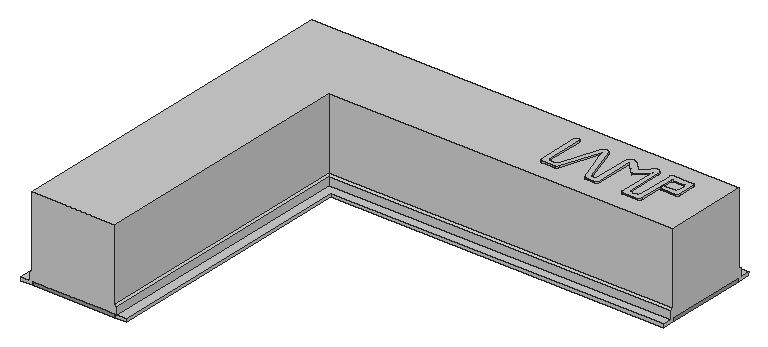
Revit family "LAMP_FIL 70 CORNER OPAL RECESSED", category Luminarias, Revit 2015
Parameters (values of type "1300LM 3000K GREY")
  Ángulo de inclinación = 90.00°
  Weight = 1.50 kg
  Wattage = 10.1 W
  UniClass 2.0 Descripción = ""
  UniClass 2.0 Code = Product code  # "F71HCRELOOP830NG"
  UniClass 1.4 Descripción = ""
  UniClass 1.4 Code = Product code  # "F71HCRELOOP830NG"
  Type = "MID POWER PHILIPS"
  Recessed dimensions = "(305 x 370) x 78 mm"
  built-in parameter 1150110 = 1 (stored number, unit not read)
  Protection rating = "IP42, IK06"
  Product datasheet = "https://www.lamp.es/product-files/TECH/F71HCRELOOP830NG-EN.pdf"
  Product code = "F71HCRELOOP830NG"
  Product URL = "https://www.lamp.es/en/family/fil-70_33399"
  Power Supply = "220-240V 50-60Hz"
  Power = 9 W
  Plum = 10.1 W
  Omniclass Descripción = ""
  OmniClass Code = ""
  Modelo = Product code  # "F71HCRELOOP830NG"
  Model explanation = "Availability of switching between accessories through visibility parameters when placed in a project."
  Material Difusor = LAMP_PC Difusor Opal Fil
  Material Perfil = LAMP_Aluminio Perfil Fil GR
  Manufacturer name = "LAMP"
  Manufacturer country = "Spain"
  Manufacturer URL = "http://www.lamp.es/en"
  MacAdam = "3"
  Lámpara = "LED MID-POWER"
  Luminaire type = "Indoor - Modular System"
  Last update = "12/08/2020"
  LED Lifetime = "50000 L80 B10"
  Insulation class = "I"
  Installation instructions = "https://www.lamp.es/product-files/INS/1004040-D-INSTR.%20FIL%2070%20CORNER.pdf"
  IFC Clasificación = "Light Fixture"
  IEE = "A++"
  Gear = "Electronic"
  Finish = "Gloss grey"
  built-in parameter 1114217 = 1 (stored number, unit not read)
  built-in parameter 1150109 = 1 (stored number, unit not read)
  Fabricante = Manufacturer name  # "LAMP"
  Efficacy = 98.6 lm/W
  Dimensions = "(303 x 368) x 89 x 70 mm"
  Descripción = "FIL 70 CORNER OPAL REC 1300 WW GR."
  Comentarios de tipo = Model explanation  # "Availability of switching between accessories through visibility parameters when placed in a project."
  built-in parameter 1150134 = (empty or 0)
  built-in parameter 1150113 = 1 (stored number, unit not read)
  Lumens = 995.86 lm
  built-in parameter 1150115 = 1 (stored number, unit not read)
  built-in parameter 1150105 = 366.45 (stored number, unit not read)
  built-in parameter 1150137 = (empty or 0)
  built-in parameter 1150139 = (empty or 0)
  built-in parameter 1150112 = 1 (stored number, unit not read)
  built-in parameter 1150114 = 1 (stored number, unit not read)
  built-in parameter 1150132 = 2
  built-in parameter 1150102 = (empty or 0)
  built-in parameter 1150138 = (empty or 0)
  built-in parameter 1150107 = 3000 (stored number, unit not read)
  built-in parameter 1150106 = 3.6645 (stored number, unit not read)
  Emit from Line Length = 300.00 mm
  built-in parameter 1150104 = 9.1602 (stored number, unit not read)
  Dimming Lamp Color Temperature Shift = (empty or 0)
  Color Filter = 16777215
  built-in parameter 1114218 = 1 (stored number, unit not read)
  CRI = "80"
  Archivo de red fotométrica = "14741103.IES"
  built-in parameter 1150133 = 10 (stored number, unit not read)
Types (9, lengths in mm): name | Wattage | UniClass 2.0 Code | UniClass 1.4 Code | Product datasheet | Product code | Power | Plum | Modelo | Material Perfil | Finish | Efficacy | Descripción | built-in parameter 1150134 | Lumens | built-in parameter 1150105 | built-in parameter 1150107 | built-in parameter 1150106 | built-in parameter 1150104 | Archivo de red fotométrica
  (no name) | 10.1 W | "F71HCRELOOP830NG" | "F71HCRELOOP830NG" | "https://www.lamp.es/product-files/TECH/F71HCRELOOP830NG-EN.pdf" | "F71HCRELOOP830NG" | 9 W | 10.1 W | "F71HCRELOOP830NG" | LAMP_Aluminio Perfil Fil GR | "Gloss grey" | 98.6 lm/W | "FIL 70 CORNER OPAL REC 1300 WW GR." | (empty or 0) | 995.86 lm | 366.45 (stored number, unit not read) | 3000 (stored number, unit not read) | 3.6645 (stored number, unit not read) | 9.1602 (stored number, unit not read) | "14741103.IES"
  1300LM 3000K GREY | 10.1 W | "F71HCRELOOP830NG" | "F71HCRELOOP830NG" | "https://www.lamp.es/product-files/TECH/F71HCRELOOP830NG-EN.pdf" | "F71HCRELOOP830NG" | 9 W | 10.1 W | "F71HCRELOOP830NG" | LAMP_Aluminio Perfil Fil GR | "Gloss grey" | 98.6 lm/W | "FIL 70 CORNER OPAL REC 1300 WW GR." | (empty or 0) | 995.86 lm | 366.45 (stored number, unit not read) | 3000 (stored number, unit not read) | 3.6645 (stored number, unit not read) | 9.1602 (stored number, unit not read) | "14741103.IES"
  1300LM 3000K WHITE | 10.1 W | "F71HCRELOOP830NW" | "F71HCRELOOP830NW" | "https://www.lamp.es/product-files/TECH/F71HCRELOOP830NW-EN.pdf" | "F71HCRELOOP830NW" | 9 W | 10.1 W | "F71HCRELOOP830NW" | LAMP_Aluminio Perfil Fil BL | "Matt white" | 98.6 lm/W | "FIL 70 CORNER OPAL REC 1300 WW WH." | (empty or 0) | 995.86 lm | 366.45 (stored number, unit not read) | 3000 (stored number, unit not read) | 3.6645 (stored number, unit not read) | 9.1602 (stored number, unit not read) | "14741100.IES"
  1300LM 4000K WHITE | 10.1 W | "F71HCRELOOP840NW" | "F71HCRELOOP840NW" | "https://www.lamp.es/product-files/TECH/F71HCRELOOP840NG-EN.pdf" | "F71HCRELOOP840NW" | 9 W | 10.1 W | "F71HCRELOOP840NW" | LAMP_Aluminio Perfil Fil BL | "Matt white" | 103.8 lm/W | "FIL 70 CORNER OPAL REC 1300 NW WH." | 12 | 1048.38 lm | 385.77 (stored number, unit not read) | 4000 (stored number, unit not read) | 3.8577 (stored number, unit not read) | 9.6433 (stored number, unit not read) | "14740100.IES"
  1300LM 4000K GREY | 10.1 W | "F71HCRELOOP840NG" | "F71HCRELOOP840NG" | "https://www.lamp.es/product-files/TECH/F71HCRELOOP840NG-EN.pdf" | "F71HCRELOOP840NG" | 9 W | 10.1 W | "F71HCRELOOP840NG" | LAMP_Aluminio Perfil Fil GR | "Gloss grey" | 103.8 lm/W | "FIL 70 CORNER OPAL REC 1300 NW GR." | 12 | 1048.38 lm | 385.77 (stored number, unit not read) | 4000 (stored number, unit not read) | 3.8577 (stored number, unit not read) | 9.6433 (stored number, unit not read) | "14740103.IES"
  2200LM 3000K WHITE | 16 W | "F71HCREHOOP830NW" | "F71HCREHOOP830NW" | "https://www.lamp.es/product-files/TECH/F71HCREHOOP830NW-EN.pdf" | "F71HCREHOOP830NW" | 14 W | 16 W | "F71HCREHOOP830NW" | LAMP_Aluminio Perfil Fil BL | "Matt white" | 105.3 lm/W | "FIL 70 CORNER OPAL REC 2200 WW WH." | (empty or 0) | 1684.8 lm | 619.93 (stored number, unit not read) | 3000 (stored number, unit not read) | 6.1993 (stored number, unit not read) | 9.7827 (stored number, unit not read) | "14741110.IES"
  2200LM 3000K GREY | 16 W | "F71HCREHOOP830NG" | "F71HCREHOOP830NG" | "https://www.lamp.es/product-files/TECH/F71HCREHOOP830NG-EN.pdf" | "F71HCREHOOP830NG" | 14 W | 16 W | "F71HCREHOOP830NG" | LAMP_Aluminio Perfil Fil GR | "Gloss grey" | 105.3 lm/W | "FIL 70 CORNER OPAL REC 2200 WW GR." | (empty or 0) | 1684.8 lm | 619.93 (stored number, unit not read) | 3000 (stored number, unit not read) | 6.1993 (stored number, unit not read) | 9.7827 (stored number, unit not read) | "14741113.IES"
  2200LM 4000K WHITE | 16 W | "F71HCREHOOP840NW" | "F71HCREHOOP840NW" | "https://www.lamp.es/product-files/TECH/F71HCREHOOP840NW-EN.pdf" | "F71HCREHOOP840NW" | 14 W | 16 W | "F71HCREHOOP840NW" | LAMP_Aluminio Perfil Fil BL | "Matt white" | 113.3 lm/W | "FIL 70 CORNER OPAL REC 2200 NW WH." | (empty or 0) | 1812.8 lm | 667.03 (stored number, unit not read) | 3000 (stored number, unit not read) | 6.6703 (stored number, unit not read) | 10.526 (stored number, unit not read) | "14740110.IES"
  2200LM 4000K GREY | 16 W | "F71HCREHOOP840NG" | "F71HCREHOOP840NG" | "https://www.lamp.es/product-files/TECH/F71HCREHOOP840NG-EN.pdf" | "F71HCREHOOP840NG" | 14 W | 16 W | "F71HCREHOOP840NG" | LAMP_Aluminio Perfil Fil GR | "Gloss grey" | 113.3 lm/W | "FIL 70 CORNER OPAL REC 2200 NW GR." | (empty or 0) | 1812.8 lm | 667.03 (stored number, unit not read) | 3000 (stored number, unit not read) | 6.6703 (stored number, unit not read) | 10.526 (stored number, unit not read) | "14740113.IES"
Reference planes
  plane 1 "Eje de origen de luz (F/P)": y = 0
  plane 2 "Techo": z = 2438.4
  plane 3 "Eje de origen de luz (I/D)": x = 0
  plane 4 "Elevación de origen de luz": z = 2438.398
  plane 5: x = 368
  plane 6: z = 2398.4
  plane 7 "Centro origen de luz": x = 184
  plane 8: y = -258.503
Forms (mm)
  Sweep 1, solid, material "LAMP_Aluminio Perfil Fil GR" <- "Material Perfil"
    path origin (0, 43.821, 2438.398) x (0, -1, 0) y (1, 0, 0)
      loop
        line (302.324, 44.5) -> (43.824, 44.5) -> (43.824, 368)
    profile origin (44.5, -129.253, 2438.398) x (-1, 0, 0) y (0, 0, 1)
      loop
        line (-35, 8.009) -> (-36.536, 6.472) -> (-36.536, 0.002) -> (-44.5, 0.002) -> (-44.5, -2.482) -> (-34.396, -2.482) -> (-34.396, 0.002) -> (34.402, 0.002) -> (34.402, -2.482) -> (44.5, -2.482) -> (44.5, 0.002) -> (36.536, 0.002) -> (36.536, 6.472) -> (35, 8.009) -> (35, 67.518) -> (-35, 67.518) -> (-35, 8.009)
  Sweep 2, solid, material "LAMP_PC Difusor Opal Fil" <- "Material Difusor"
    path origin (7.727, 43.821, 2438.398) x (0, -1, 0) y (1, 0, 0)
      loop
        line (302.324, 36.77) -> (43.824, 36.77) -> (43.824, 360.273)
    profile origin (44.497, -129.253, 2438.398) x (-1, 0, 0) y (0, 0, 1)
      loop
        line (34.399, 0.002) -> (-34.399, 0.002) -> (-34.399, -2.482) -> (34.399, -2.482) -> (34.399, 0.002)
  Extrusion 3, solid, material "LAMP_Aluminio Perfil Fil GR" <- "Material Perfil"
    sketch origin (-784.268, 0, 2441.098) x (0, -1, 0) y (1, 0, 0)
      loop
        arc (17.275, 1028.459) -> (18.554, 1028.989) -> (19.083, 1030.268) r 1.808
        line (19.083, 1030.268) -> (19.083, 1041.281)
        arc (19.083, 1041.281) -> (18.734, 1042.373) -> (17.815, 1043.058) r 1.88
        line (17.815, 1043.058) -> (-14.196, 1054.073) -> (17.64, 1065.027)
        arc (17.64, 1065.027) -> (18.502, 1065.671) -> (18.83, 1066.695) r 1.764
        line (18.83, 1066.695) -> (18.83, 1074.628)
        arc (18.83, 1074.628) -> (18.312, 1075.878) -> (17.062, 1076.396) r 1.768
        line (17.062, 1076.396) -> (-14.398, 1076.396) -> (-4.438, 1086.355) -> (-14.398, 1096.315) -> (17.367, 1096.315)
        arc (17.367, 1096.315) -> (18.58, 1096.818) -> (19.083, 1098.032) r 1.717
        line (19.083, 1098.032) -> (19.083, 1110.348)
        arc (19.083, 1110.348) -> (18.539, 1111.662) -> (17.225, 1112.206) r 1.858
        line (17.225, 1112.206) -> (-12.857, 1112.206)
        arc (-12.857, 1112.206) -> (-14.127, 1112.732) -> (-14.653, 1114.002) r 1.796
        line (-14.653, 1114.002) -> (-14.653, 1122.357)
        arc (-14.653, 1122.357) -> (-14.111, 1123.664) -> (-12.803, 1124.206) r 1.849
        line (-12.803, 1124.206) -> (-6.491, 1124.206)
        arc (-6.491, 1124.206) -> (-5.191, 1123.668) -> (-4.653, 1122.368) r 1.838
        line (-4.653, 1122.368) -> (-4.653, 1114.675)
        arc (-4.653, 1114.675) -> (-2.653, 1112.675) -> (-0.653, 1114.675) r 2
        line (-0.653, 1114.675) -> (-0.653, 1126.413)
        arc (-0.653, 1126.413) -> (-1.178, 1127.681) -> (-2.446, 1128.206) r 1.793
        line (-2.446, 1128.206) -> (-16.771, 1128.206)
        arc (-16.771, 1128.206) -> (-18.102, 1127.655) -> (-18.653, 1126.324) r 1.882
        line (-18.653, 1126.324) -> (-18.653, 1110.064)
        arc (-18.653, 1110.064) -> (-18.109, 1108.75) -> (-16.795, 1108.206) r 1.858
        line (-16.795, 1108.206) -> (13.276, 1108.206)
        arc (13.276, 1108.206) -> (14.59, 1107.662) -> (15.135, 1106.347) r 1.859
        line (15.135, 1106.347) -> (15.135, 1102.233)
        arc (15.135, 1102.233) -> (14.593, 1100.926) -> (13.286, 1100.384) r 1.849
        line (13.286, 1100.384) -> (-14.97, 1100.384)
        arc (-14.97, 1100.384) -> (-19.003, 1097.483) -> (-17.533, 1092.737) r 4.253
        line (-17.533, 1092.737) -> (-11.151, 1086.355) -> (-17.533, 1079.973)
        arc (-17.533, 1079.973) -> (-19.003, 1075.228) -> (-14.97, 1072.326) r 4.253
        line (-14.97, 1072.326) -> (12.834, 1072.326)
        arc (12.834, 1072.326) -> (15.098, 1070.41) -> (13.581, 1067.861) r 2.295
        line (13.581, 1067.861) -> (-16.097, 1057.655)
        arc (-16.097, 1057.655) -> (-18.653, 1054.073) -> (-16.097, 1050.491) r 3.788
        line (-16.097, 1050.491) -> (13.877, 1040.183)
        arc (13.877, 1040.183) -> (14.788, 1039.503) -> (15.135, 1038.42) r 1.864
        line (15.135, 1038.42) -> (15.135, 1034.236)
        arc (15.135, 1034.236) -> (14.614, 1032.98) -> (13.358, 1032.459) r 1.777
        line (13.358, 1032.459) -> (-16.865, 1032.459)
        arc (-16.865, 1032.459) -> (-18.865, 1030.459) -> (-16.865, 1028.459) r 2
        line (-16.865, 1028.459) -> (17.275, 1028.459)
    from 64.818 to 65.82
Text (mm)
  text "Any modification of the parameters and properties of the LAMP BIM models must be executed and validated by the LAMP technical department.\n\nPhone: +34 93 736 68 00\n\nE-mail: lamp@lamp.es\n\n\n\nLAMP reserves the right to modify the technical specifications of its products." at (1231.855, -528.175, 2178.848), in view "Preview"
Dimensions and locks
  equal spacing: host sketch curve, plane 3 "Eje de origen de luz (I/D)", host sketch curve
  equal spacing: host sketch curve, plane 1 "Eje de origen de luz (F/P)", host sketch curve
  host sketch curve to host sketch curve = 3048.00 mm  (x2)
  plane 3 "Eje de origen de luz (I/D)" to plane 5 = 368.00 mm
  locked: plane 2 "Techo" to plane 6 at 40
  equal spacing: plane 3 "Eje de origen de luz (I/D)", plane 7 "Centro origen de luz", plane 5
  locked: plane 8 to Sweep 1 at 303
  aligned and locked: plane 1 "Eje de origen de luz (F/P)" to imposter light
  aligned and locked: plane 4 "Elevación de origen de luz" to imposter light
  aligned and locked: plane 8 to Sweep 1
  aligned and locked: Sweep 1 to plane 2 "Techo"
  aligned and locked: Sweep 1 to plane 3 "Eje de origen de luz (I/D)"
  aligned and locked: Extrusion 3 to Sweep 1
Automatic sketch dimensions
  plane 4 "Elevación de origen de luz" to Sweep 1 sketch curve = 2.482 mm  (x2)
  profile plane to Sweep 1 sketch curve = 44.50 mm
  Sweep 1 sketch curve to plane 4 "Elevación de origen de luz" = 0.002 mm  (x3)
  Sweep 1 sketch curve to Sweep 1 sketch curve = 7.964 mm  (x2)
  Sweep 1 sketch curve to Sweep 1 sketch curve = 1.536 mm  (x3)
  Sweep 1 sketch curve to Sweep 1 sketch curve = 2.14 mm
  Sweep 1 sketch curve to profile plane = 34.402 mm
  Sweep 1 sketch curve to Sweep 1 sketch curve = 0.598 mm
  Sweep 1 sketch curve to Sweep 1 sketch curve = 2.134 mm
  Sweep 1 sketch curve to Sweep 1 sketch curve = 6.471 mm  (x2)
  Sweep 1 sketch curve to Sweep 1 sketch curve = 59.509 mm
  Sweep 2 sketch curve to plane 4 "Elevación de origen de luz" = 0.002 mm
  profile plane to Sweep 2 sketch curve = 34.399 mm
  plane 4 "Elevación de origen de luz" to Sweep 2 sketch curve = 2.482 mm
  Sweep 2 sketch curve to profile plane = 34.399 mm
  Sweep 1 sketch curve to plane 5 = 0.00 mm
  Sweep 1 sketch curve to plane 8 = 0.00 mm
  plane 1 "Eje de origen de luz (F/P)" to Sweep 1 sketch curve = 0.003 mm
  plane 3 "Eje de origen de luz (I/D)" to Sweep 1 sketch curve = 44.50 mm
  Sweep 2 sketch curve to plane 5 = 0.00 mm
  Sweep 2 sketch curve to plane 8 = 0.00 mm
  plane 1 "Eje de origen de luz (F/P)" to Sweep 2 sketch curve = 0.003 mm
  plane 3 "Eje de origen de luz (I/D)" to Sweep 2 sketch curve = 44.497 mm
  Extrusion 3 sketch curve to plane 1 "Eje de origen de luz (F/P)" = 18.653 mm
  Extrusion 3 sketch curve to Extrusion 3 sketch curve = 1.119 mm
  Extrusion 3 sketch curve to Extrusion 3 sketch curve = 0.00 mm  (x4)
  Extrusion 3 sketch curve to plane 1 "Eje de origen de luz (F/P)" = 16.865 mm
  Extrusion 3 sketch curve to Extrusion 3 sketch curve = 1.858 mm  (x2)
  Extrusion 3 sketch curve to Extrusion 3 sketch curve = 1.882 mm
  Extrusion 3 sketch curve to plane 1 "Eje de origen de luz (F/P)" = 16.097 mm
  Extrusion 3 sketch curve to Extrusion 3 sketch curve = 1.824 mm
  Extrusion 3 sketch curve to Extrusion 3 sketch curve = 2.563 mm
  Extrusion 3 sketch curve to Extrusion 3 sketch curve = 1.232 mm
  Extrusion 3 sketch curve to Extrusion 3 sketch curve = 2.118 mm  (x2)
  Extrusion 3 sketch curve to Extrusion 3 sketch curve = 0.572 mm  (x2)
  Extrusion 3 sketch curve to Extrusion 3 sketch curve = 0.669 mm
  Extrusion 3 sketch curve to Extrusion 3 sketch curve = 1.796 mm
  Extrusion 3 sketch curve to Extrusion 3 sketch curve = 1.849 mm  (x2)
  Extrusion 3 sketch curve to Extrusion 3 sketch curve = 6.382 mm  (x2)
  Extrusion 3 sketch curve to Extrusion 3 sketch curve = 6.313 mm
  Extrusion 3 sketch curve to plane 1 "Eje de origen de luz (F/P)" = 4.653 mm
  Extrusion 3 sketch curve to plane 1 "Eje de origen de luz (F/P)" = 4.438 mm
  Extrusion 3 sketch curve to Extrusion 3 sketch curve = 2.00 mm  (x2)
  Extrusion 3 sketch curve to Extrusion 3 sketch curve = 1.793 mm
  plane 1 "Eje de origen de luz (F/P)" to Extrusion 3 sketch curve = 12.834 mm
  plane 1 "Eje de origen de luz (F/P)" to Extrusion 3 sketch curve = 13.27 mm
  plane 1 "Eje de origen de luz (F/P)" to Extrusion 3 sketch curve = 13.276 mm
  Extrusion 3 sketch curve to Extrusion 3 sketch curve = 0.01 mm
  Extrusion 3 sketch curve to Extrusion 3 sketch curve = 0.087 mm
  Extrusion 3 sketch curve to Extrusion 3 sketch curve = 0.746 mm
  Extrusion 3 sketch curve to Extrusion 3 sketch curve = 0.606 mm
  Extrusion 3 sketch curve to Extrusion 3 sketch curve = 1.777 mm
  Extrusion 3 sketch curve to Extrusion 3 sketch curve = 4.228 mm
  Extrusion 3 sketch curve to Extrusion 3 sketch curve = 3.485 mm
  Extrusion 3 sketch curve to Extrusion 3 sketch curve = 3.327 mm
  Extrusion 3 sketch curve to Extrusion 3 sketch curve = 3.949 mm
  Extrusion 3 sketch curve to Extrusion 3 sketch curve = 3.917 mm
  Extrusion 3 sketch curve to Extrusion 3 sketch curve = 4.08 mm
  Extrusion 3 sketch curve to Extrusion 3 sketch curve = 0.574 mm
  Extrusion 3 sketch curve to Extrusion 3 sketch curve = 0.612 mm
  Extrusion 3 sketch curve to Extrusion 3 sketch curve = 1.764 mm
  Extrusion 3 sketch curve to Extrusion 3 sketch curve = 1.88 mm
  plane 7 "Centro origen de luz" to Extrusion 3 sketch curve = 60.191 mm
  Extrusion 3 sketch curve to Extrusion 3 sketch curve = 4.184 mm
  Extrusion 3 sketch curve to Extrusion 3 sketch curve = 2.861 mm
  Extrusion 3 sketch curve to Extrusion 3 sketch curve = 18.032 mm
  Extrusion 3 sketch curve to Extrusion 3 sketch curve = 3.582 mm
  Extrusion 3 sketch curve to Extrusion 3 sketch curve = 21.969 mm
  Extrusion 3 sketch curve to Extrusion 3 sketch curve = 1.166 mm
  Extrusion 3 sketch curve to Extrusion 3 sketch curve = 2.17 mm
  Extrusion 3 sketch curve to Extrusion 3 sketch curve = 2.302 mm
  Extrusion 3 sketch curve to Extrusion 3 sketch curve = 0.184 mm  (x2)
  Extrusion 3 sketch curve to Extrusion 3 sketch curve = 4.114 mm
  Extrusion 3 sketch curve to Extrusion 3 sketch curve = 2.142 mm
  Extrusion 3 sketch curve to Extrusion 3 sketch curve = 0.673 mm
  Extrusion 3 sketch curve to Extrusion 3 sketch curve = 8.355 mm
Connectors
  electrical at (45.516, -5.654, 2505.916)
    settings: on Sweep 1, index 1, voltage 240 V, apparent load 0 VA, apparent load phase1 0 VA, apparent load phase2 0 VA, apparent load phase3 0 VA, power factor 1, load classification "Otro", number of poles 1, system type 31, power factor state 1, is connector primary yes, connector utility no, sub classification motor no, connector description ""
